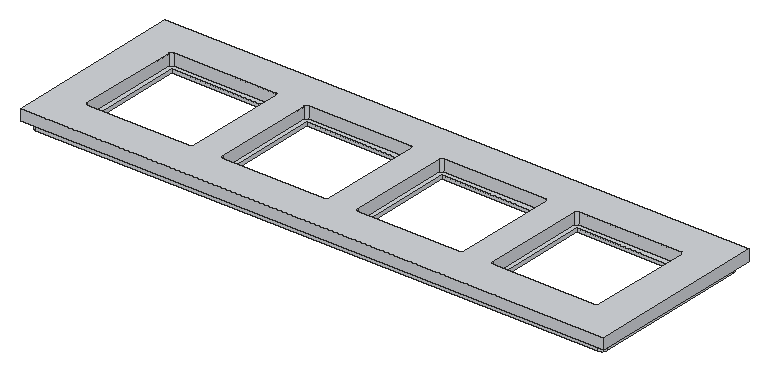
Revit family "Gira_0214226", category Electrical Fixtures, host Face, Revit 2017
Family settings
  Host = Face
  Maintain Annotation Orientation = No
  Round Connector Dimension = Use Diameter
  Part Type = Normal
  Cut with Voids When Loaded = No
  Shared = No
  Room Calculation Point = No
Parameters (values of type "Cov.fr. 4-g Gira Esprit Lin.pwd.anthra.")
  With mounting grid = "No"
  With hinged lid = "No"
  URL = "http://katalog.gira.de/en/datenblatt.html?artikelnr=0214226"
  Type of fastening = "Clamp mounting"
  Transparent = "No"
  Surface protection = "Other"
  Suitable for wall duct = "No"
  Suitable for flush-mounted installation = "Yes"
  Suitable for floor box = "No"
  Suitable for built-in installation = "No"
  Number of units vertical = "4"
  Number of units horizontal = "4"
  Number of units = "4"
  Name = "Cov.fr. 4-g Gira Esprit Lin.pwd.anthra."
  Mounting direction = "Horizontal and vertical"
  Material quality = "Other"
  Material = "Other"
  Manufacturer URL = "https://www.gira.de/"
  Manufacturer = "Gira"
  Label space/information surface = "No"
  Keynote = ""
  HeinzeBIM = "https://bimportal.heinze.de/bim/cov-fr-4-g-gira-esprit-lin-pwd-anthra-/e769a6ff5b83e211889d2a1bbc27986301d6b18c"
  Halogen free = "No"
  HAN = "0214226"
  GTIN = "4010337015901"
  Description = "Cov.fr.4g Espr. LPwAn,Gira Esprit cover frame,linoleum-plywood anthracite,4-gang,Notes :,- Natural product. Colour deviations are possible.,- NCS value: approx. NCS S 8502-B"
  Degree of protection (IP) = "IP20"
  Default Elevation = 1219.2 mm
  Data sheet (1) = "https://katalog.gira.de/en/download.html?artikelnr=0214226"
  Colour = "Anthracite"
  Category = "Cover frame for domestic switching devices"
  BIM (1) = "https://media.stage.bim.site/public/gira/36a6b08/Espr._Rahmen_4fach.rfa"
  Available = "No"
Reference planes
  plane 1 "Center (Front/Back)": y = 0
  plane 2: z = 0
  plane 3 "Center (Left/Right)": x = 0
Forms (mm)
  Extrusion 1, solid, detail levels fine
    sketch origin (0, 0, 0) x (1, 0, 0) y (0, 1, 0)
      loop
        line (-154, 47.5) -> (-154, -47.5) -> (154, -47.5) -> (154, 47.5) -> (-154, 47.5)
      loop
        arc (-135.25, -26.8) -> (-134.811, -27.861) -> (-133.75, -28.3) r 1.5
        line (-133.75, -28.3) -> (-80.15, -28.3)
        arc (-80.15, -28.3) -> (-79.089, -27.861) -> (-78.65, -26.8) r 1.5
        line (-78.65, -26.8) -> (-78.65, 26.8)
        arc (-78.65, 26.8) -> (-79.089, 27.861) -> (-80.15, 28.3) r 1.5
        line (-80.15, 28.3) -> (-133.75, 28.3)
        arc (-133.75, 28.3) -> (-134.811, 27.861) -> (-135.25, 26.8) r 1.5
        line (-135.25, 26.8) -> (-135.25, -26.8)
      loop
        arc (-63.95, -26.8) -> (-63.511, -27.861) -> (-62.45, -28.3) r 1.5
        line (-62.45, -28.3) -> (-8.85, -28.3)
        arc (-8.85, -28.3) -> (-7.789, -27.861) -> (-7.35, -26.8) r 1.5
        line (-7.35, -26.8) -> (-7.35, 26.8)
        arc (-7.35, 26.8) -> (-7.789, 27.861) -> (-8.85, 28.3) r 1.5
        line (-8.85, 28.3) -> (-62.45, 28.3)
        arc (-62.45, 28.3) -> (-63.511, 27.861) -> (-63.95, 26.8) r 1.5
        line (-63.95, 26.8) -> (-63.95, -26.8)
      loop
        arc (7.35, -26.8) -> (7.789, -27.861) -> (8.85, -28.3) r 1.5
        line (8.85, -28.3) -> (62.45, -28.3)
        arc (62.45, -28.3) -> (63.511, -27.861) -> (63.95, -26.8) r 1.5
        line (63.95, -26.8) -> (63.95, 26.8)
        arc (63.95, 26.8) -> (63.511, 27.861) -> (62.45, 28.3) r 1.5
        line (62.45, 28.3) -> (8.85, 28.3)
        arc (8.85, 28.3) -> (7.789, 27.861) -> (7.35, 26.8) r 1.5
        line (7.35, 26.8) -> (7.35, -26.8)
      loop
        arc (78.65, -26.8) -> (79.089, -27.861) -> (80.15, -28.3) r 1.5
        line (80.15, -28.3) -> (133.75, -28.3)
        arc (133.75, -28.3) -> (134.811, -27.861) -> (135.25, -26.8) r 1.5
        line (135.25, -26.8) -> (135.25, 26.8)
        arc (135.25, 26.8) -> (134.811, 27.861) -> (133.75, 28.3) r 1.5
        line (133.75, 28.3) -> (80.15, 28.3)
        arc (80.15, 28.3) -> (79.089, 27.861) -> (78.65, 26.8) r 1.5
        line (78.65, 26.8) -> (78.65, -26.8)
    from 0 to 6
  Extrusion 2, solid, detail levels fine
    sketch origin (0, 0, 0) x (1, 0, 0) y (0, 1, 0)
      loop
        line (-132.85, -25.7) -> (-81.05, -25.7) -> (-81.05, 25.7) -> (-132.85, 25.7) -> (-132.85, -25.7)
      loop
        line (61.55, 25.7) -> (9.75, 25.7) -> (9.75, -25.7) -> (61.55, -25.7) -> (61.55, 25.7)
      loop
        arc (-149.85, -41.4) -> (-149.323, -42.673) -> (-148.05, -43.2) r 1.8
        line (-148.05, -43.2) -> (148.05, -43.2)
        arc (148.05, -43.2) -> (149.323, -42.673) -> (149.85, -41.4) r 1.8
        line (149.85, -41.4) -> (149.85, 41.4)
        arc (149.85, 41.4) -> (149.323, 42.673) -> (148.05, 43.2) r 1.8
        line (148.05, 43.2) -> (-148.05, 43.2)
        arc (-148.05, 43.2) -> (-149.323, 42.673) -> (-149.85, 41.4) r 1.8
        line (-149.85, 41.4) -> (-149.85, -41.4)
      loop
        line (-9.75, 25.7) -> (-61.55, 25.7) -> (-61.55, -25.7) -> (-9.75, -25.7) -> (-9.75, 25.7)
      loop
        line (132.85, 25.7) -> (81.05, 25.7) -> (81.05, -25.7) -> (132.85, -25.7) -> (132.85, 25.7)
    from -1.9 to 0
  Extrusion 3, solid, detail levels fine
    sketch origin (0, 0, 0) x (1, 0, 0) y (0, 1, 0)
      loop
        arc (-148.05, 44.4) -> (-150.171, 43.521) -> (-151.05, 41.4) r 3
        line (-151.05, 41.4) -> (-151.05, -41.4)
        arc (-151.05, -41.4) -> (-150.171, -43.521) -> (-148.05, -44.4) r 3
        line (-148.05, -44.4) -> (148.05, -44.4)
        arc (148.05, -44.4) -> (150.171, -43.521) -> (151.05, -41.4) r 3
        line (151.05, -41.4) -> (151.05, 41.4)
        arc (151.05, 41.4) -> (150.171, 43.521) -> (148.05, 44.4) r 3
        line (148.05, 44.4) -> (-148.05, 44.4)
      loop
        arc (-149.85, -41.4) -> (-149.323, -42.673) -> (-148.05, -43.2) r 1.8
        line (-148.05, -43.2) -> (148.05, -43.2)
        arc (148.05, -43.2) -> (149.323, -42.673) -> (149.85, -41.4) r 1.8
        line (149.85, -41.4) -> (149.85, 41.4)
        arc (149.85, 41.4) -> (149.323, 42.673) -> (148.05, 43.2) r 1.8
        line (148.05, 43.2) -> (-148.05, 43.2)
        arc (-148.05, 43.2) -> (-149.323, 42.673) -> (-149.85, 41.4) r 1.8
        line (-149.85, 41.4) -> (-149.85, -41.4)
    from -3.7 to 0
  Extrusion 4, solid, detail levels medium
    sketch origin (0, 0, 0) x (1, 0, 0) y (0, 1, 0)
      loop
        line (-154, 47.5) -> (-154, -47.5) -> (154, -47.5) -> (154, 47.5) -> (-154, 47.5)
    from 0 to 6
  Extrusion 5, solid, detail levels medium
    sketch origin (0, 0, 0) x (1, 0, 0) y (0, 1, 0)
      loop
        line (-154, 44.4) -> (-154, -44.4) -> (154, -44.4) -> (154, 44.4) -> (-154, 44.4)
    from -3.7 to 0
  Extrusion 6, solid, detail levels coarse
    sketch origin (0, 0, 0) x (1, 0, 0) y (0, 1, 0)
      loop
        line (-154, 47.5) -> (-154, -47.5) -> (154, -47.5) -> (154, 47.5) -> (-154, 47.5)
    from -3.7 to 6
Dimensions and locks
  aligned and locked: plane 2 to host face
  aligned and locked: level to host face
